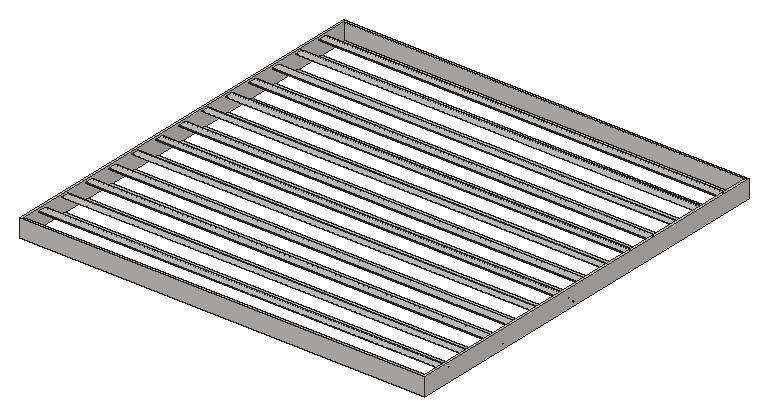
Revit family "Louver-Flanged_Frame-Carnes-Rectangular-Flat_Blade-FJWC", category Air Terminals, host Face, Revit 2012
Parameters (values of type "(See Type Catalog)")
  ecoScorecard_data = ""
  ecoScorecard Product Page = "http://ecoscorecard.com/"
  URL = "http://www.carnes.com/index.html"
  Subcategory = "Louvers and Dampers"
  Specifications  URL = "http://www.carnes.com/Louvers/pdf/17132.pdf"
  Product Page URL = "http://www.carnes.com/Louvers/FFWC-FJWC.htm"
  Product Line = "Flat (\"I\") Blade Louvers"
  Pressure Drop = 0.00 Pa
  Outside Width = Louver Width Control + 1/4" * 2  # 48 1/2"
  Outside Height = Louver Height Control + 1/4" * 2  # 48 1/2"
  Model = "FJWC"
  Minimum Size = "8\"W x 10\"H"
  Maximum Vertical Size = "96\"W x 72\"H"
  Maximum Size Note = "Larger Sizes made in multiple sections"
  Maximum Horinzontal Size = "96\"W x 72\"H"
  Manufacturer = "Carnes Company"
  Louver Width Control = if(Louver Width < 8", 8", if(Louver Width > 96", 96", Louver Width))  # 48"
  Louver Height Control = if(Louver Height < 10", 10", if(Louver Height > 72", 72", Louver Height))  # 48"
  Free Area Note = "See Spec Sheet URL"
  Free Area = 0.00 SF
  Description = "Flat (\"I\") Blade Louvers"
  Connector Description 1 = "Duct Connetor"
  Blades Quantity [instance] = (Louver Height Control - (Blade Offset from Frame - 3/4")) / 3 1/2"  # 13
  Manufacturer Phone = "608-845-6411"
  Manufacturer Fax = "608-845-6470"
  Manufacturer Email = "mailto:carnes@carnes.com"
  Manufacturer Address = "448 S. Main St., P. O. Box 930040, Verona, WI 53593-0040"
  Louver Width = 48"
  Louver Length = 2 1/8"
  Louver Height = 48"
  Blades Length [instance] = Louver Length - 1/4"  # 1 7/8"
  Frame Material = Steel - Carnes - Galvanized
  Default Elevation = 48"
  Cost Info = "mailto:carnes@carnes.com"
  Catalog URL = "http://www.carnes.com/Louvers/pdf/f8.pdf"
  Symbol Blades Quantity = Louver Width / 3 1/2"  # 14
  Blade Offset from Frame [instance] = 2 1/4"
  Blade Material = Steel - Carnes - Galvanized
  Assembly Code = "D3090700"
  Airflow = 0 CFM
  95 CSI = "10200"
  04 CSI = "08 91 00"
Reference planes (in)
  plane 1 "Center (Elevation)": y = 0
  plane 2: z = 0
  plane 3 "Center (Left/Right)": x = 0
  plane 4 "Rear": z = -2.125
  plane 5: z = -0.125
  plane 6: z = -2
  plane 7: z = -1.0625
  plane 8: x = -24
  plane 9: x = 24
  plane 10: x = -24.25
  plane 11: x = 24.25
  plane 12: y = 24
  plane 13: y = -24
  plane 14: y = 24.25
  plane 15: y = -24.25
  plane 16 "Blade CL": y = 22
Forms (in)
  Extrusion 1, solid, material "Steel - Carnes - Galvanized" <- "Frame Material"
    sketch origin (0, 0, 0) x (1, 0, 0) y (0, 1, 0)
      loop
        line (-24, 24) -> (-24, -24) -> (24, -24) -> (24, 24) -> (-24, 24)
      loop
        line (-24.25, 24.25) -> (-24.25, -24.25) -> (24.25, -24.25) -> (24.25, 24.25) -> (-24.25, 24.25)
    from -2.125 to 0
Lines and regions (in)
  Masking region 1, detail levels coarse
    outline origin (0, 0, 0) x (1, 0, 0) y (0, 0, 1)
      loop
        line (24.25, 0) -> (-24.25, 0) -> (-24.25, -2.125) -> (24.25, -2.125) -> (24.25, 0)
  Masking region 2, detail levels medium+fine
    outline origin (0, 0, 0) x (1, 0, 0) y (0, 0, 1)
      loop
        line (24.25, 0) -> (-24.25, 0) -> (-24.25, -0.125) -> (-24.25, -2) -> (-24.25, -2.125) -> (24.25, -2.125) -> (24.25, -2) -> (24.25, -0.125) -> (24.25, 0)
  symbolic lines, detail levels fine
    curve 1: line (24.25, 0, -0.125) -> (-24.25, 0, -0.125)
    curve 2: line (24.25, 0, -2) -> (-24.25, 0, -2)
  symbolic lines
    curve 3: line (24, 0, -0.1875) -> (23.52861, 0, -0.1875)
    curve 4: line (22.57979, 0, -1.9375) -> (23.0542, 0, -1.0625)
    curve 5: line (22.57979, 0, -1.9375) -> (22.14855, 0, -1.9375)
    curve 6: line (23.0542, 0, -1.0625) -> (23.52861, 0, -0.1875)
    curve 7: line (20.5, 0, -0.1875) -> (20.02861, 0, -0.1875)
    curve 8: line (19.07979, 0, -1.9375) -> (19.5542, 0, -1.0625)
    curve 9: line (19.07979, 0, -1.9375) -> (18.64855, 0, -1.9375)
    curve 10: line (19.5542, 0, -1.0625) -> (20.02861, 0, -0.1875)
    curve 11: line (17, 0, -0.1875) -> (16.52861, 0, -0.1875)
    curve 12: line (15.57979, 0, -1.9375) -> (16.0542, 0, -1.0625)
    curve 13: line (15.57979, 0, -1.9375) -> (15.14855, 0, -1.9375)
    curve 14: line (16.0542, 0, -1.0625) -> (16.52861, 0, -0.1875)
    curve 15: line (13.5, 0, -0.1875) -> (13.02861, 0, -0.1875)
    curve 16: line (12.07979, 0, -1.9375) -> (12.5542, 0, -1.0625)
    curve 17: line (12.07979, 0, -1.9375) -> (11.64855, 0, -1.9375)
    curve 18: line (12.5542, 0, -1.0625) -> (13.02861, 0, -0.1875)
    curve 19: line (10, 0, -0.1875) -> (9.52861, 0, -0.1875)
    curve 20: line (8.57979, 0, -1.9375) -> (9.0542, 0, -1.0625)
    curve 21: line (8.57979, 0, -1.9375) -> (8.14855, 0, -1.9375)
    curve 22: line (9.0542, 0, -1.0625) -> (9.52861, 0, -0.1875)
    curve 23: line (6.5, 0, -0.1875) -> (6.02861, 0, -0.1875)
    curve 24: line (5.07979, 0, -1.9375) -> (5.5542, 0, -1.0625)
    curve 25: line (5.07979, 0, -1.9375) -> (4.64855, 0, -1.9375)
    curve 26: line (5.5542, 0, -1.0625) -> (6.02861, 0, -0.1875)
    curve 27: line (3, 0, -0.1875) -> (2.52861, 0, -0.1875)
    curve 28: line (1.57979, 0, -1.9375) -> (2.0542, 0, -1.0625)
    curve 29: line (1.57979, 0, -1.9375) -> (1.14855, 0, -1.9375)
    curve 30: line (2.0542, 0, -1.0625) -> (2.52861, 0, -0.1875)
    curve 31: line (-0.5, 0, -0.1875) -> (-0.97139, 0, -0.1875)
    curve 32: line (-1.92021, 0, -1.9375) -> (-1.4458, 0, -1.0625)
    curve 33: line (-1.92021, 0, -1.9375) -> (-2.35145, 0, -1.9375)
    curve 34: line (-1.4458, 0, -1.0625) -> (-0.97139, 0, -0.1875)
    curve 35: line (-4, 0, -0.1875) -> (-4.47139, 0, -0.1875)
    curve 36: line (-5.42021, 0, -1.9375) -> (-4.9458, 0, -1.0625)
    curve 37: line (-5.42021, 0, -1.9375) -> (-5.85145, 0, -1.9375)
    curve 38: line (-4.9458, 0, -1.0625) -> (-4.47139, 0, -0.1875)
    curve 39: line (-7.5, 0, -0.1875) -> (-7.97139, 0, -0.1875)
    curve 40: line (-8.92021, 0, -1.9375) -> (-8.4458, 0, -1.0625)
    curve 41: line (-8.92021, 0, -1.9375) -> (-9.35145, 0, -1.9375)
    curve 42: line (-8.4458, 0, -1.0625) -> (-7.97139, 0, -0.1875)
    curve 43: line (-11, 0, -0.1875) -> (-11.47139, 0, -0.1875)
    curve 44: line (-12.42021, 0, -1.9375) -> (-11.9458, 0, -1.0625)
    curve 45: line (-12.42021, 0, -1.9375) -> (-12.85145, 0, -1.9375)
    curve 46: line (-11.9458, 0, -1.0625) -> (-11.47139, 0, -0.1875)
    curve 47: line (-14.5, 0, -0.1875) -> (-14.97139, 0, -0.1875)
    curve 48: line (-15.92021, 0, -1.9375) -> (-15.4458, 0, -1.0625)
    curve 49: line (-15.92021, 0, -1.9375) -> (-16.35145, 0, -1.9375)
    curve 50: line (-15.4458, 0, -1.0625) -> (-14.97139, 0, -0.1875)
    curve 51: line (-18, 0, -0.1875) -> (-18.47139, 0, -0.1875)
    curve 52: line (-19.42021, 0, -1.9375) -> (-18.9458, 0, -1.0625)
    curve 53: line (-19.42021, 0, -1.9375) -> (-19.85145, 0, -1.9375)
    curve 54: line (-18.9458, 0, -1.0625) -> (-18.47139, 0, -0.1875)
    curve 55: line (-21.5, 0, -0.1875) -> (-21.97139, 0, -0.1875)
    curve 56: line (-22.92021, 0, -1.9375) -> (-22.4458, 0, -1.0625)
    curve 57: line (-22.92021, 0, -1.9375) -> (-23.35145, 0, -1.9375)
    curve 58: line (-22.4458, 0, -1.0625) -> (-21.97139, 0, -0.1875)
Dimensions and locks (in)
  equal spacing: plane 15, plane 1 "Center (Elevation)", plane 14
  locked: plane 2 to plane 5 at 0.125
  locked: plane 6 to plane 4 "Rear" at 0.125
  "Louver Length": plane 2 to plane 4 "Rear"
  equal spacing: plane 5, plane 7, plane 6
  "Blade Offset from Frame": plane 14 to plane 16 "Blade CL"
  "Outside Height": plane 14 to plane 15
  equal spacing: plane 8, plane 3 "Center (Left/Right)", plane 9
  "Louver Width": plane 8 to plane 9
  equal spacing: plane 10, plane 3 "Center (Left/Right)", plane 11
  "Outside Width": plane 10 to plane 11
  equal spacing: plane 13, plane 1 "Center (Elevation)", plane 12
  "Louver Height": plane 13 to plane 12
  locked: curve 3 to plane 5 at 0.0625
  plane 6 to curve 5 = 1/16"
  equal spacing: group 1, group 2, group 5, group 6, group 7, group 8, group 9, group 10, group 11, group 12, group 13, group 14, group 15  (x2)
  equal spacing: group 15, group 14, group 13, group 12, group 11, group 10, group 9, group 8, group 7, group 6, group 5, group 2, group 1
  locked: nested 1 to nested 2 at 3.5
  locked: curve 5 to plane 9 at 1.85145
  equal spacing: group 27, group 26, group 25, group 24, group 23, group 22, group 21, group 20, group 19, group 18, group 17, group 16, group 4, group 3
  equal spacing: group 3, group 4, group 16, group 17, group 18, group 19, group 20, group 21, group 22, group 23, group 24, group 25, group 26, group 27  (x2)
  locked: curve 10 to curve 6 at 3.5
  aligned and locked: plane 2 to host face
  aligned and locked: host face to level
  aligned and locked: plane 8 to Extrusion 1 sketch curve
  aligned and locked: plane 7 to nested 1
  aligned and locked: nested 1 to plane 16 "Blade CL"
  aligned and locked: plane 11 to Masking region 1 sketch curve
  aligned and locked: Masking region 1 sketch curve to plane 2
  aligned and locked: plane 4 "Rear" to Masking region 1 sketch curve
  aligned and locked: plane 10 to Masking region 1 sketch curve
  aligned and locked: Masking region 2 sketch curve to level
  aligned and locked: Masking region 2 sketch curve to plane 11  (x2)
  aligned and locked: plane 4 "Rear" to Masking region 2 sketch curve
  aligned and locked: Masking region 2 sketch curve to plane 10  (x2)
  aligned and locked: curve 1 to plane 5
  aligned and locked: curve 2 to plane 6
  aligned and locked: plane 9 to curve 3
  aligned and locked: Extrusion 1 sketch curve to plane 15
  aligned and locked: Extrusion 1 sketch curve to plane 14
  aligned and locked: plane 11 to Extrusion 1 sketch curve
  aligned and locked: plane 10 to Extrusion 1 sketch curve
  aligned and locked: plane 2 to Extrusion 1
  aligned and locked: Extrusion 1 to plane 4 "Rear"
Automatic sketch dimensions
  host sketch curve to host sketch curve = 122.28147"
  host sketch curve to host sketch curve = 173.35151"
  curve 3 to curve 3 = 0.47139"  (x2)
  curve 5 to curve 5 = 0.43125"
  curve 4 to curve 3 = 1.99067"  (x2)
  Extrusion 1 sketch curve to plane 9 = 0"
  plane 13 to Extrusion 1 sketch curve = 0"
  Extrusion 1 sketch curve to plane 12 = 0"
  plane 11 to curve 2 = 0"
  plane 11 to curve 1 = 0"
  Masking region 2 sketch curve to plane 6 = 0"  (x4)
  plane 11 to Masking region 2 sketch curve = 0"
  Masking region 2 sketch curve to plane 5 = 0"  (x4)
  curve 1 to plane 10 = 0"
  curve 2 to plane 10 = 0"
  Masking region 2 sketch curve to plane 10 = 0"
Nested families (in)
  nested 1: "Louver_Blade-Carnes" at (0, 22.125, -1.0625), type "Standard"
    with Width 48"
  nested 2: "Louver_Blade-Carnes" at (0, 18.625, -1.0625), type "Standard"
    with Width 48"
  nested 3: "Louver_Blade-Carnes" at (0, 15.125, -1.0625), type "Standard"
    with Width 48"
  nested 4: "Louver_Blade-Carnes" at (0, 11.625, -1.0625), type "Standard"
    with Width 48"
  nested 5: "Louver_Blade-Carnes" at (0, 8.125, -1.0625), type "Standard"
    with Width 48"
  nested 6: "Louver_Blade-Carnes" at (0, 4.625, -1.0625), type "Standard"
    with Width 48"
  nested 7: "Louver_Blade-Carnes" at (0, 1.125, -1.0625), type "Standard"
    with Width 48"
  nested 8: "Louver_Blade-Carnes" at (0, -2.375, -1.0625), type "Standard"
    with Width 48"
  nested 9: "Louver_Blade-Carnes" at (0, -5.875, -1.0625), type "Standard"
    with Width 48"
  nested 10: "Louver_Blade-Carnes" at (0, -9.375, -1.0625), type "Standard"
    with Width 48"
  nested 11: "Louver_Blade-Carnes" at (0, -12.875, -1.0625), type "Standard"
    with Width 48"
  nested 12: "Louver_Blade-Carnes" at (0, -16.375, -1.0625), type "Standard"
    with Width 48"
  nested 13: "Louver_Blade-Carnes" at (0, -19.875, -1.0625), type "Standard"
    with Width 48"
Connectors (in)
  hvac at (0, 0, -2.125), driven by "Louver Height Control", driven by "Louver Width Control", driven by "Connector Description 1", driven by "Airflow"
    settings: on Extrusion 1, index 1, duct flow 0 CFM, flow factor 0, pres drop 0.00 Pa, loss coef 0, conn angle 0.00°, conn width 48", conn height 48", conn radius 12", duct sys type 29, conn prof type 1, flow config 0, flow direction 0, loss method 0, conn ref index -1, conn util no, is conn primary yes, conn desc "Duct Connetor"
Definition of nested family "Louver_Blade-Carnes"
  Parameters (values of type "Standard")
    Width = 72"
    Blade Material = none
    Length = 1 7/8"
    Assembly Code = ""
  Reference planes (in)
    plane 1 "Center (Front/Back)": y = -0.125
    plane 2: z = 0
    plane 3 "Center (Left/Right)": x = 0
    plane 4: y = 1.8125
    plane 5: y = -2.0625
    plane 6: z = 0.9375
    plane 7: z = -0.9375
    plane 8: x = -36
    plane 9: x = 36
  Forms (in)
    Sweep 1, solid, material <- "Blade Material"
      path origin (0, 0.1875, 0) x (1, 0, 0) y (0, 1, 0)
        loop
          line (-36, -0.3125) -> (36, -0.3125)
      profile origin (0, -0.125, 0) x (0, 1, 0) y (0, 0, 1)
        loop
          line (-0.9375, 0.9375) -> (-1.9375, 0.9375) -> (-1.9375, 0.875) -> (-0.96339, 0.875) -> (0.84911, -0.9375) -> (1.9375, -0.9375) -> (1.9375, -0.875) -> (0.875, -0.875) -> (-0.9375, 0.9375)
  Dimensions and locks (in)
    equal spacing: plane 4, plane 1 "Center (Front/Back)", plane 5
    equal spacing: plane 7, plane 2, plane 6
    "Length": plane 7 to plane 6
    equal spacing: plane 8, plane 3 "Center (Left/Right)", plane 9
    "Width": plane 8 to plane 9
    locked: plane 4 to plane 5 at 3.875
    locked: Sweep 1 sketch curve to plane 6 at 0.0625
    locked: Sweep 1 sketch curve to Sweep 1 sketch curve at 0.0625
    locked: Sweep 1 sketch curve to plane 7 at 0.0625
    aligned and locked: plane 8 to Sweep 1 sketch curve
    aligned and locked: plane 9 to Sweep 1 sketch curve
    aligned and locked: plane 7 to Sweep 1 sketch curve
    aligned and locked: plane 6 to Sweep 1 sketch curve
    aligned and locked: plane 1 "Center (Front/Back)" to Sweep 1 sketch curve
    aligned and locked: plane 4 to Sweep 1 sketch curve
    aligned and locked: Sweep 1 sketch curve to plane 5
  Automatic sketch dimensions
    Sweep 1 sketch curve to Sweep 1 sketch curve = 0.02589"
    Sweep 1 sketch curve to profile plane = 0.84911"
